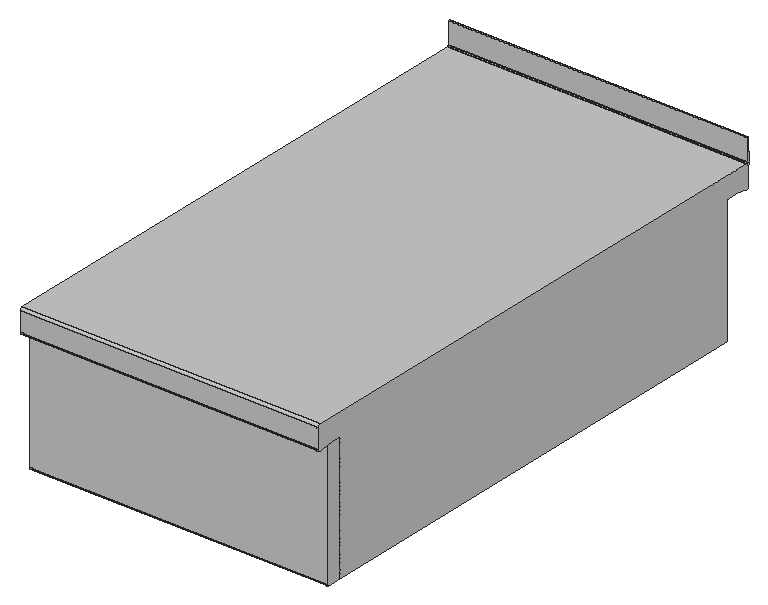
Revit family "QF_ELECTROLUXPROFESSIONAL_589159_MCNABBEOOO", category Specialty Equipment, Revit 2018
Family settings
  Round Connector Dimension = Use Diameter
  Part Type = Normal
  Work Plane-Based = No
  Always vertical = Yes
  Cut with Voids When Loaded = No
  Shared = No
  Room Calculation Point = No
Parameters
  Weight in Pounds = 50.7
  URL Cutsheet = "www.electrolux.com/professional"
  URL = "www.electrolux.com/professional"
  Type Mark [instance] = ""
  Status [instance] = ""
  Specification by User [instance] = ""
  Specification by Manufacturer = ""
  Serial Number = ""
  Seismic Rating = ""
  SMACNA No = ""
  Revision Code [instance] = ""
  Omniclass Number and Title = ""
  NAFEM Spec ID Number = ""
  Model = "589159"
  Masterspec = ""
  Manufacturer = "ELECTROLUX"
  Item Number [instance] = ""
  Installed By [instance] = ""
  Identify Quantity as Lot [instance] = yes
  Furnished By [instance] = ""
  Foodservice Equipment Identifier [instance] = yes
  Direct Waste Size = 0"
  Description = "WORK TOP,CLOSED,1-S,BACKSPL,500X900X250H"
  CSI MasterFormat = ""
  CSI Master Format = ""
Reference planes
  plane 1 "BACK": y = 0
  plane 2: z = 0
  plane 3 "LEFT": x = 0
  plane 4 "RIGHT": x = 500
  plane 5 "FRONT": y = -900
  plane 6 "TOP": z = 250
  plane 7 "Center Y": x = 250
  plane 8 "Center X": y = -450
  plane 9: z = 288
Forms (mm)
  Extrusion 1, solid, material "QF_Finishes_Stainless Steel"
    sketch origin (0, 50.048, 0) x (0, 1, 0) y (0, 0, 1)
      loop
        line (-95.048, 213) -> (-71.412, 213) -> (-54.743, 210.061)
        arc (-54.743, 210.061) -> (-51.477, 210.936) -> (-50.048, 214) r 4
        line (-50.048, 214) -> (-50.048, 246)
        arc (-50.048, 246) -> (-51.22, 248.828) -> (-54.048, 250) r 4
        line (-54.048, 250) -> (-946.048, 250)
        arc (-946.048, 250) -> (-948.877, 248.828) -> (-950.048, 246) r 4
        line (-950.048, 246) -> (-950.048, 214)
        arc (-950.048, 214) -> (-948.619, 210.936) -> (-945.353, 210.061) r 4
        line (-945.353, 210.061) -> (-928.509, 213) -> (-905.048, 213) -> (-905.048, 0) -> (-95.048, 0) -> (-95.048, 213)
    from 0 to 500
  Extrusion 2, solid, material "QF_Finishes_Stainless Steel"
    sketch origin (0, 50.048, 0) x (0, 1, 0) y (0, 0, 1)
      loop
        arc (-928.048, 213) -> (-929.462, 212.414) -> (-930.048, 211) r 2
        line (-930.048, 211) -> (-930.048, 2)
        arc (-930.048, 2) -> (-929.462, 0.586) -> (-928.048, 0) r 2
        line (-928.048, 0) -> (-905.048, 0) -> (-905.048, 213) -> (-928.048, 213)
    from 0 to 500
  Extrusion 3, solid, material "QF_Finishes_Stainless Steel"
    sketch origin (0, -950.048, 0) x (0, -1, 0) y (0, 0, -1)
      loop
        arc (-948.097, -252.006) -> (-947.511, -250.592) -> (-946.097, -250.006) r 2
        arc (-946.097, -250.006) -> (-948.877, -248.828) -> (-950.048, -246) r 4
        line (-950.048, -246) -> (-950.048, -288.006) -> (-948.097, -288.006) -> (-948.097, -252.006)
    from 0 to 500
Lines and regions (mm)
  symbolic lines
    curve 1: line (0, 0, 0) -> (500, 0, 0)
    curve 2: line (0, -900, 0) -> (0, 0, 0)
    curve 3: line (500, -900, 0) -> (0, -900, 0)
    curve 4: line (500, 0, 0) -> (500, -900, 0)
    curve 5: line (0, -1.951, 0) -> (500, -1.951, 0)
Dimensions and locks
  equal spacing: plane 3 "LEFT", plane 7 "Center Y", plane 4 "RIGHT"
  plane 3 "LEFT" to plane 4 "RIGHT" = 500.00 mm
  equal spacing: plane 5 "FRONT", plane 8 "Center X", plane 1 "BACK"
  plane 5 "FRONT" to plane 1 "BACK" = 900.00 mm
  plane 6 "TOP" to level = 250.00 mm
  plane 9 to level = 288.00 mm
  plane 9 to plane 6 "TOP" = 38.00 mm
  aligned and locked: level to plane 2
  aligned and locked: Extrusion 1 to plane 4 "RIGHT"
  aligned and locked: Extrusion 2 to plane 4 "RIGHT"
  aligned and locked: Extrusion 3 to plane 4 "RIGHT"
Automatic sketch dimensions
  Extrusion 1 sketch curve to plane 5 "FRONT" = 0.00 mm
  Extrusion 1 sketch curve to plane 6 "TOP" = 0.00 mm
  Extrusion 1 sketch curve to level = 0.00 mm
  Extrusion 1 sketch curve to plane 1 "BACK" = 0.00 mm
  Extrusion 1 sketch curve to plane 5 "FRONT" = 4.695 mm
  Extrusion 1 sketch curve to plane 6 "TOP" = 39.939 mm
  Extrusion 1 sketch curve to plane 5 "FRONT" = 4.00 mm  (x2)
  Extrusion 1 sketch curve to Extrusion 1 sketch curve = 16.844 mm
  Extrusion 1 sketch curve to plane 5 "FRONT" = 45.00 mm
  plane 1 "BACK" to Extrusion 1 sketch curve = 45.00 mm
  plane 1 "BACK" to Extrusion 1 sketch curve = 21.364 mm
  plane 1 "BACK" to Extrusion 1 sketch curve = 4.00 mm
  plane 1 "BACK" to Extrusion 1 sketch curve = 4.695 mm
  Extrusion 1 sketch curve to Extrusion 1 sketch curve = 0.00 mm  (x2)
  Extrusion 1 sketch curve to Extrusion 1 sketch curve = 4.00 mm
  Extrusion 1 sketch curve to plane 6 "TOP" = 37.00 mm  (x2)
  Extrusion 1 sketch curve to Extrusion 1 sketch curve = 1.00 mm
  Extrusion 2 sketch curve to level = 0.00 mm
  Extrusion 2 sketch curve to plane 5 "FRONT" = 20.00 mm
  level to Extrusion 2 sketch curve = 2.00 mm
  Extrusion 2 sketch curve to Extrusion 2 sketch curve = 2.00 mm
  Extrusion 2 sketch curve to Extrusion 2 sketch curve = 23.00 mm
  Extrusion 2 sketch curve to plane 6 "TOP" = 39.00 mm
  Extrusion 3 sketch curve to plane 1 "BACK" = 0.00 mm  (x2)
  Extrusion 3 sketch curve to plane 6 "TOP" = 2.006 mm
  Extrusion 3 sketch curve to plane 6 "TOP" = 0.00 mm
  Extrusion 3 sketch curve to plane 9 = 0.006 mm
  Extrusion 3 sketch curve to Extrusion 3 sketch curve = 1.951 mm
  Extrusion 3 sketch curve to Extrusion 3 sketch curve = 2.00 mm
  Extrusion 3 sketch curve to Extrusion 3 sketch curve = 0.049 mm
  Extrusion 3 sketch curve to Extrusion 3 sketch curve = 0.00 mm
  plane 1 "BACK" to curve 1 = 0.00 mm
  curve 1 to plane 3 "LEFT" = 0.00 mm
  curve 1 to plane 4 "RIGHT" = 0.00 mm
  plane 5 "FRONT" to curve 4 = 0.00 mm
  curve 5 to curve 1 = 1.951 mm
